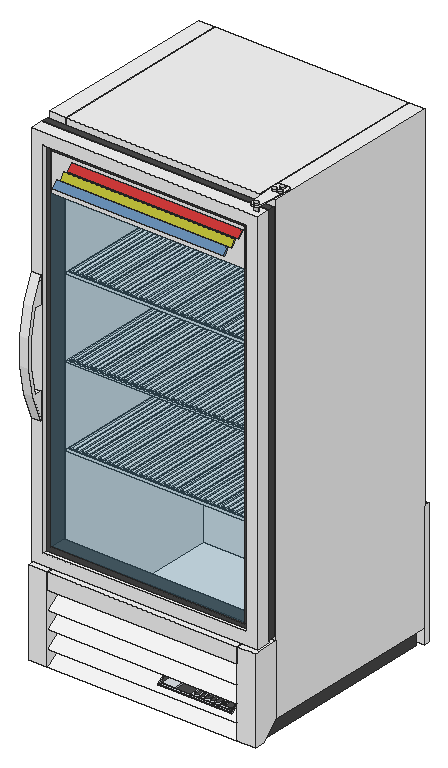
Revit family "QF_TRUE_GDM-10F-HC~TSL01", category Specialty Equipment, Revit 2016 (continued)
Definition of nested family "GDM-10F-HC-TSL01"
  Definition of nested family "QF_LOGO_TRUE"
    Forms (in)
      Extrusion 5, solid, not visible
        sketch origin (121.45701, -16.5, 4.98235) x (1, 0, 0) y (0, 0, 1)
          loop
            line (28.13678, 34.66131) -> (28.08755, 34.47761) -> (28.27134, 34.47761) -> (28.32056, 34.66131) -> (28.43674, 34.66131) -> (28.47974, 34.78864) -> (28.36519, 34.78864)
            arc (28.36519, 34.78864) -> (28.35733, 34.81649) -> (28.36921, 34.84288) r 0.04231
            arc (28.36921, 34.84288) -> (28.431, 34.8652) -> (28.49617, 34.85686) r 0.13988
            line (28.49617, 34.85686) -> (28.53544, 34.97317)
            arc (28.53544, 34.97317) -> (28.39725, 34.99096) -> (28.25905, 34.97317) r 0.54546
            arc (28.25905, 34.97317) -> (28.20849, 34.91994) -> (28.18197, 34.85147) r 0.1894
            line (28.18197, 34.85147) -> (28.17089, 34.78864) -> (28.11397, 34.78864) -> (28.07985, 34.66131) -> (28.13678, 34.66131)
          loop
            arc (28.74846, 34.89756) -> (28.65884, 34.88533) -> (28.56922, 34.89756) r 0.33455
            line (28.56922, 34.89756) -> (28.45669, 34.47761) -> (28.63593, 34.47761) -> (28.74846, 34.89756)
          loop
            arc (28.60398, 35.01195) -> (28.57699, 34.97173) -> (28.60398, 34.9315) r 0.04347
            line (28.60398, 34.9315) -> (28.75755, 34.9315)
            arc (28.75755, 34.9315) -> (28.78645, 34.96687) -> (28.77911, 35.01195) r 0.0556
            line (28.77911, 35.01195) -> (28.60398, 35.01195)
          loop
            line (28.95336, 34.66131) -> (29.26233, 34.66131) -> (29.28859, 34.73909)
            arc (29.28859, 34.73909) -> (29.2878, 34.82039) -> (29.23107, 34.87864) r 0.10925
            arc (29.23107, 34.87864) -> (29.18233, 34.8944) -> (29.13139, 34.89974) r 0.24595
            line (29.13139, 34.89974) -> (28.96708, 34.89974)
            arc (28.96708, 34.89974) -> (28.9068, 34.88073) -> (28.8535, 34.84677) r 0.2421
            arc (28.8535, 34.84677) -> (28.7897, 34.76363) -> (28.76702, 34.66131) r 0.2421
            line (28.76702, 34.66131) -> (28.76702, 34.54477)
            arc (28.76702, 34.54477) -> (28.81618, 34.4956) -> (28.88334, 34.47761) r 0.13431
            line (28.88334, 34.47761) -> (29.09054, 34.47761)
            arc (29.09054, 34.47761) -> (29.13459, 34.48281) -> (29.17622, 34.49812) r 0.18924
            line (29.17622, 34.49812) -> (29.23102, 34.61563)
            arc (29.23102, 34.61563) -> (29.18453, 34.59565) -> (29.13566, 34.58252) r 0.35376
            arc (29.13566, 34.58252) -> (29.05885, 34.56956) -> (28.98204, 34.58252) r 0.23415
            arc (28.98204, 34.58252) -> (28.94492, 34.61362) -> (28.95336, 34.66131) r 0.04838
          loop
            line (28.9842, 34.73042) -> (29.12012, 34.73042) -> (29.12621, 34.76496)
            arc (29.12621, 34.76496) -> (29.08961, 34.80242) -> (29.03739, 34.80638) r 0.0742
            arc (29.03739, 34.80638) -> (28.99747, 34.77773) -> (28.9842, 34.73042) r 0.0742
          loop
            line (29.41616, 34.97572) -> (29.28675, 34.49276) -> (29.48645, 34.49276) -> (29.61586, 34.97572) -> (29.41616, 34.97572)
          loop
            line (29.99836, 34.97572) -> (29.95192, 34.80242)
            arc (29.95192, 34.80242) -> (29.94473, 34.85705) -> (29.90102, 34.89059) r 0.07199
            arc (29.90102, 34.89059) -> (29.80023, 34.89941) -> (29.70251, 34.87322) r 0.29131
            arc (29.70251, 34.87322) -> (29.61806, 34.7652) -> (29.5896, 34.63108) r 0.30433
            line (29.5896, 34.63108) -> (29.5896, 34.55572)
            arc (29.5896, 34.55572) -> (29.61075, 34.50463) -> (29.66184, 34.48348) r 0.07224
            line (29.66184, 34.48348) -> (29.78537, 34.48348)
            arc (29.78537, 34.48348) -> (29.83854, 34.51313) -> (29.88504, 34.55243) r 0.31609
            line (29.88504, 34.55243) -> (29.86905, 34.49276) -> (30.05973, 34.49276) -> (30.18914, 34.97572) -> (29.99836, 34.97572)
          loop
            arc (29.84537, 34.75931) -> (29.79424, 34.71128) -> (29.77745, 34.64317) r 0.12371
            arc (29.77745, 34.64317) -> (29.80071, 34.59901) -> (29.85056, 34.59647) r 0.05045
            arc (29.85056, 34.59647) -> (29.90141, 34.64047) -> (29.92536, 34.7033) r 0.13769
            arc (29.92536, 34.7033) -> (29.90211, 34.75521) -> (29.84537, 34.75931) r 0.05543
          loop
            line (26.45047, 35.26762) -> (26.58211, 35.26762)
            arc (26.58211, 35.26762) -> (26.60467, 35.30821) -> (26.62126, 35.35157) r 0.3277
            arc (26.62126, 35.35157) -> (26.62714, 35.39992) -> (26.60877, 35.44503) r 0.09693
            arc (26.60877, 35.44503) -> (26.56454, 35.48868) -> (26.50462, 35.50516) r 0.12312
            arc (26.50462, 35.50516) -> (26.44158, 35.50565) -> (26.37854, 35.50546) r 5.76967
            arc (26.37854, 35.50546) -> (26.07462, 35.42923) -> (25.81045, 35.26076) r 0.97743
            line (25.81045, 35.26076) -> (25.85921, 35.26076)
            arc (25.85921, 35.26076) -> (26.08494, 35.39361) -> (26.3396, 35.45485) r 0.88817
            arc (26.3396, 35.45485) -> (26.41429, 35.44188) -> (26.47267, 35.39352) r 0.14748
            arc (26.47267, 35.39352) -> (26.48041, 35.32725) -> (26.45047, 35.26762) r 0.11636
          loop
            arc (26.35412, 35.17841) -> (26.19578, 35.0555) -> (26.00982, 34.98069) r 0.72453
            arc (26.00982, 34.98069) -> (25.9036, 34.95581) -> (25.79459, 34.9604) r 0.40201
            arc (25.79459, 34.9604) -> (25.7275, 34.98819) -> (25.69972, 35.05528) r 0.09488
            arc (25.69972, 35.05528) -> (25.71867, 35.12629) -> (25.77049, 35.17841) r 0.1425
            line (25.77049, 35.17841) -> (25.73665, 35.18748)
            arc (25.73665, 35.18748) -> (25.67632, 35.09876) -> (25.66924, 34.99171) r 0.20432
            arc (25.66924, 34.99171) -> (25.71443, 34.9227) -> (25.79473, 34.90384) r 0.11116
            arc (25.79473, 34.90384) -> (25.91172, 34.89904) -> (26.02716, 34.91862) r 0.56145
            arc (26.02716, 34.91862) -> (26.27675, 35.021) -> (26.49584, 35.17841) r 1.15683
            line (26.49584, 35.17841) -> (26.35412, 35.17841)
        from 31.54261 to 31.56272
    Dimensions and locks (in)
      aligned and locked: level to plane 2
      aligned and locked: Extrusion 2 to Extrusion 3  (x2)
      aligned and locked: Extrusion 2 sketch curve to Extrusion 3
